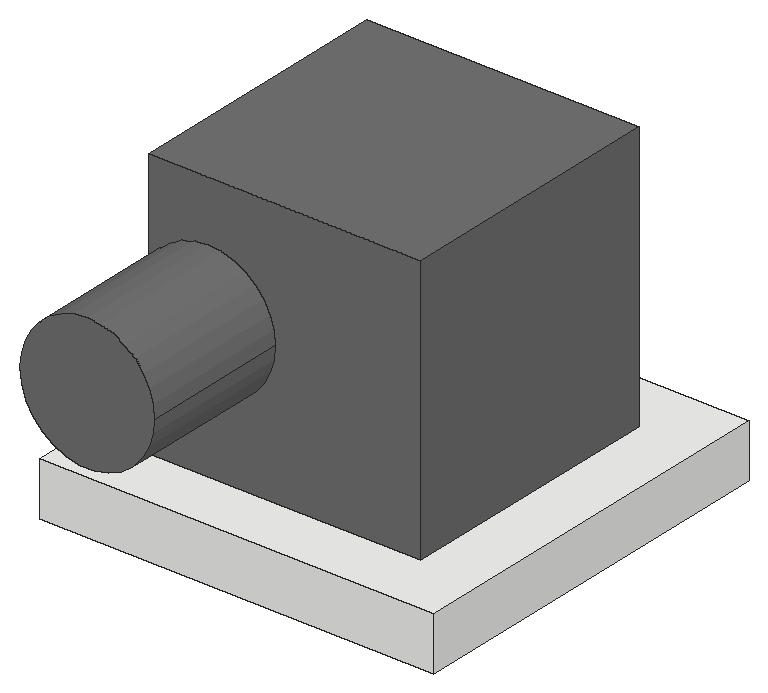
Revit family "vd-10_13zvec7-fp_50Hz", category 機械設備, Revit 2019
Family settings
  丸型コネクタ寸法 = 直径を使用
  パーツ タイプ = 標準
  OmniClass 番号 = 23.75.35.17.27
  OmniClass タイトル = Centrifugal Fans
  作業面ベース = いいえ
  常に垂直 = はい
  ロード時にボイドで切り取り = いいえ
  共有 = いいえ
  部屋計算ポイント = はい
Parameters (values of type "VD-13ZVEC7-FP")
  騒音レベル(dB(A)) [instance] = 24.5
  風量 [instance] = 120.0 m³/h
  電源種別 [instance] = ""
  電圧 = 100 V
  電動機出力 = 0 W
  電動機_種別 [instance] = ""
  運転質量 = 0.00 kg
  連動 [instance] = ""
  質量 = if(製品質量 > 運転質量, 製品質量, 運転質量) * 1.2  # 2.04 kg
  負荷分類 = 3_ファン類
  説明 = "ダクト用換気扇 消音形 フラットインテリアタイプ 24時間換気機能付 定風量タイプ"
  設計風量 [instance] = 0.0 m³/h
  設置方法 = "天埋"
  記号 [instance] = ""
  製造元 = "三菱電機株式会社"
  製品質量 = 1.70 kg
  製品出荷対象 = "国内"
  製品リリース年月 = "2024年4月1日"
  製品グループ = ""
  系統 [instance] = ""
  符号 [instance] = if(☑給気／□排気, "FS", "FE")  # "FE"
  積算_科目 = "2 換気設備"
  積算_拾い区分 [instance] = ""
  相 = 1
  盤記号 [instance] = ""
  発停方法 [instance] = ""
  特殊仕様 [instance] = ""
  火災停止 [instance] = ""
  消費電力 = 3.3 W
  法定耐用年数 = "15"
  機外静圧 [instance] = 78.0 Pa
  極数 = 2
  材質 [instance] = ""
  操作・制御方式 = ""
  操作・制御スイッチ = ""
  排気量 [instance] = if(☑給気／□排気, 0.0 m³/h, 設計風量)  # 0.0 m³/h
  形式 = "天井埋込ダクト形"
  幹線記号 [instance] = ""
  対象室 [instance] = ""
  実風量 [instance] = 0.0 m³/h
  始動方式 [instance] = "直入"
  外気量 [instance] = if(☑給気／□排気, 設計風量, 0.0 m³/h)  # 0.0 m³/h
  呼称 = "天井扇"
  周波数 = 50 Hz
  参照している仕様書等のバージョン = ""
  分類コード = "50052503100030"
  分類グループ = ""
  価格 = 37800
  企業コード = "108420"
  付属品_防振装置 = ""
  付属品 [instance] = ""
  仕様書バージョン = "Version1.0"
  モデル = "VD-13ZVEC7-FP"
  マテリアル = 合成樹脂(黒)
  ファンの種類 = ""
  ダクト径 = 100 mm
  コメント [instance] = ""
  Keynote = ""
  カバーマテリアル = 合成樹脂(白)
  ☑給気／□排気 [instance] = no
  Width = 198 mm
  W1 = 286 mm
  Version = ""
  Uniclass2015Version = "Systems v1.9"
  Uniclass2015Title = "Centrifugal fans"
  Uniclass2015Code = "Pr_65_67_29_12"
  URL = "https://www.mitsubishielectric.co.jp/ldg/wink/qr/002/333597/"
  SpecificationReference = ""
  SpecificationDescription = ""
  Revision = ""
  ProductInformation = ""
  OmniClassCode = "23-33 31 19 11 15"
  OAサイズ_D = 0 mm
  MIN風量 = 75.0 m³/h
  MIN静圧 = 57.0 Pa
  MID風量 = 0.0 m³/h
  MID静圧 = 0.0 Pa
  MAX風量 = 120.0 m³/h
  MAX静圧 = 78.0 Pa
  IfcTypeProduct = ""
  IfcProduct = ""
  IfcExportType = "PROPELLORAXIAL"
  IfcExportAs = "IfcFanType"
  Height = 195 mm
  H1 = 39 mm
  EAサイズ_D = 98 mm
  Duct_Height = 102 mm
  Duct_Depth = 109 mm
  Duct_Center = 56 mm
  Depth = 198 mm
  D1 = 286 mm
  Author = "三菱電機株式会社"
Types (2, lengths in mm): name | 騒音レベル(dB(A)) | 風量 | 質量 | 製品質量 | 消費電力 | 機外静圧 | 価格 | モデル | Width | W1 | URL | MIN風量 | MIN静圧 | MAX風量 | MAX静圧 | Height | Duct_Center | Depth | D1
  VD-10ZVEC7-FP | 21.5 | 100.0 m³/h | 1.80 kg | 1.50 kg | 2.5 W | 90.0 Pa | 33600 | "VD-10ZVEC7-FP" | 174 | 250 | "https://www.mitsubishielectric.co.jp/ldg/wink/qr/002/333574/" | 60.0 m³/h | 50.0 Pa | 100.0 m³/h | 90.0 Pa | 184 | 0 | 174 | 250
  VD-13ZVEC7-FP | 24.5 | 120.0 m³/h | 2.04 kg | 1.70 kg | 3.3 W | 78.0 Pa | 37800 | "VD-13ZVEC7-FP" | 198 | 286 | "https://www.mitsubishielectric.co.jp/ldg/wink/qr/002/333597/" | 75.0 m³/h | 57.0 Pa | 120.0 m³/h | 78.0 Pa | 195 | 56 | 198 | 286
Reference planes
  plane 1 "中心(正面/背面)": y = 0
  plane 2: z = 0
  plane 3 "中心(左/右)": x = 0
  plane 4: x = -143
  plane 5: x = 143
  plane 6: y = 143
  plane 7: y = -143
  plane 8: x = -99
  plane 9: x = 99
  plane 10: y = 99
  plane 11: y = -99
  plane 12: y = -208
  plane 13: z = 195
  plane 14: z = -39
  plane 15: z = 102
  plane 16: x = -56
Forms (mm)
  Extrusion 1, solid, material "合成樹脂(黒)" <- "マテリアル", detail levels fine
    sketch origin (0, 0, 0) x (1, 0, 0) y (0, 1, 0)
      loop
        line (-99, 99) -> (-99, -99) -> (99, -99) -> (99, 99) -> (-99, 99)
    from 0 to 195
  Extrusion 2, solid, material "合成樹脂(白)" <- "カバーマテリアル", detail levels fine
    sketch origin (0, 0, 0) x (1, 0, 0) y (0, 1, 0)
      loop
        line (-143, 143) -> (-143, -143) -> (143, -143) -> (143, 143) -> (-143, 143)
    from 0 to -39
  Extrusion 3, solid, material "合成樹脂(黒)" <- "マテリアル", detail levels fine
    sketch origin (0, 0, 0) x (1, 0, 0) y (0, 0, 1)
      loop
        circle (-56, 102) r 49
    from 99 to 208
Dimensions and locks
  equal spacing: plane 4, plane 3 "中心(左/右)", plane 5
  "W1": plane 4 to plane 5
  equal spacing: plane 6, plane 1 "中心(正面/背面)", plane 7
  "D1": plane 6 to plane 7
  equal spacing: plane 8, plane 3 "中心(左/右)", plane 9
  "Width": plane 8 to plane 9
  equal spacing: plane 10, plane 1 "中心(正面/背面)", plane 11
  "Depth": plane 10 to plane 11
  "Duct_Depth": plane 11 to plane 12
  "Height": plane 13 to plane 2
  "Duct_Height": plane 15 to plane 2
  "H1": plane 2 to plane 14
  "Duct_Center": plane 3 "中心(左/右)" to plane 16
  "EAサイズ_D": diameter of Extrusion 3 sketch curve
  aligned and locked: level to plane 2
  aligned and locked: plane 5 to Extrusion 2
  aligned and locked: plane 6 to Extrusion 2
  aligned and locked: Extrusion 2 to plane 4
  aligned and locked: Extrusion 2 to plane 7
  aligned and locked: plane 9 to Extrusion 1
  aligned and locked: Extrusion 1 to plane 11
  aligned and locked: Extrusion 1 to plane 8
  aligned and locked: plane 10 to Extrusion 1
  aligned and locked: plane 13 to Extrusion 1
  aligned and locked: Extrusion 2 to plane 14
  aligned and locked: level to Extrusion 2
  aligned and locked: Extrusion 1 to level
  aligned and locked: Extrusion 3 to plane 12
  aligned and locked: plane 11 to Extrusion 3
Automatic sketch dimensions
  Extrusion 1 sketch curve to plane 3 "中心(左/右)" = 99 mm
  plane 3 "中心(左/右)" to Extrusion 1 sketch curve = 99 mm
  Extrusion 2 sketch curve to plane 3 "中心(左/右)" = 143 mm
  plane 3 "中心(左/右)" to Extrusion 2 sketch curve = 143 mm
  plane 1 "中心(正面/背面)" to Extrusion 1 sketch curve = 99 mm
  Extrusion 1 sketch curve to plane 1 "中心(正面/背面)" = 99 mm
  plane 1 "中心(正面/背面)" to Extrusion 2 sketch curve = 143 mm
  Extrusion 2 sketch curve to plane 1 "中心(正面/背面)" = 143 mm
  Extrusion 3 sketch curve to plane 15 = 0 mm
  Extrusion 3 sketch curve to plane 16 = 0 mm
Nested families
  nested 1: "記号_天井換気扇_平面" at (0, 0, 0), type "記号_天井換気扇_平面", detail levels coarse+medium
Connectors
  hvac at (-56, -208, 102), driven by "ダクト径", driven by "風量", driven by "機外静圧"
    settings: on Extrusion 3, index 1, duct flow 120.0 m³/h, flow factor 0, pres drop 78.0 Pa, loss coef 0, conn angle 0.00°, conn width 304.8 mm, conn height 304.8 mm, conn diameter 100 mm, duct sys type 3, conn prof type 0, flow config 0, flow direction 2, loss method 4, conn ref index -1, conn util no, is conn primary yes, conn desc ""
  electrical at (0, 0, 195), driven by "極数", driven by "負荷分類", driven by "電圧", driven by "消費電力"
    settings: on Extrusion 1, index 2, voltage 100 V, apparent load 3.3 VA, apparent load phase1 0 VA, apparent load phase2 0 VA, apparent load phase3 0 VA, power factor 1, load classification "3_ファン類", number of poles 2, system type 30, power factor state 1, is connector primary yes, connector utility no, sub classification motor no, connector description ""
Definition of nested family "記号_天井換気扇_平面"
  Reference planes
    plane 1: y = 0
    plane 2: x = 0
  Lines and regions (mm)
    detail lines
      curve 1: line (-2.5, 2.5, 0) -> (2.5, 2.5, 0)
      curve 2: line (-2.5, -2.5, 0) -> (-2.5, 2.5, 0)
      curve 3: line (2.5, -2.5, 0) -> (-2.5, -2.5, 0)
      curve 4: line (2.5, 2.5, 0) -> (2.5, -2.5, 0)
      curve 5: circle (-1.04, -1.04, 0) r 1.46 normal (0, 0, 1)
      curve 6: circle (1.04, 1.04, 0) r 1.46 normal (0, 0, 1)
      curve 7: line (-3.125, 3.125, 0) -> (3.125, 3.125, 0)
      curve 8: line (-3.125, -3.125, 0) -> (-3.125, 3.125, 0)
      curve 9: line (3.125, -3.125, 0) -> (-3.125, -3.125, 0)
      curve 10: line (3.125, 3.125, 0) -> (3.125, -3.125, 0)
      curve 11: circle (1.295, 1.295, 0) r 1.83 normal (0, 0, 1)
      curve 12: circle (-1.295, -1.295, 0) r 1.83 normal (0, 0, 1)
      curve 13: line (-2, 2, 0) -> (2, 2, 0)
      curve 14: line (-2, -2, 0) -> (-2, 2, 0)
      curve 15: line (2, -2, 0) -> (-2, -2, 0)
      curve 16: line (2, 2, 0) -> (2, -2, 0)
      curve 17: circle (0.84, 0.84, 0) r 1.16 normal (0, 0, 1)
      curve 18: circle (-0.84, -0.84, 0) r 1.2 normal (0, 0, 1)
